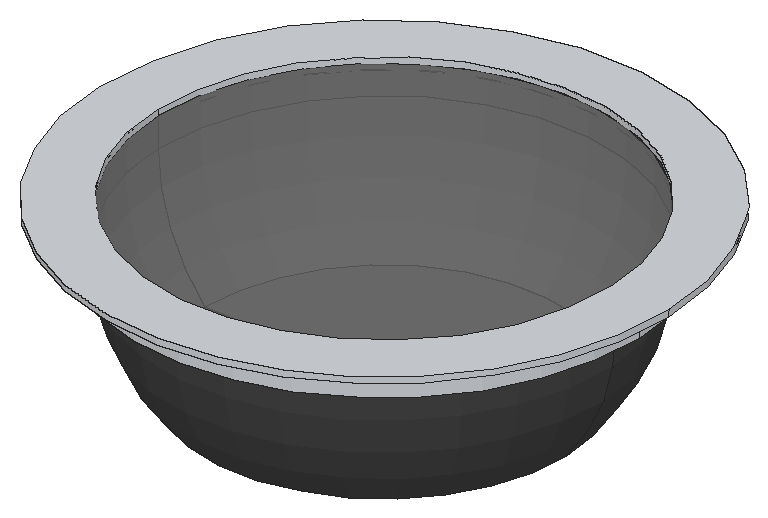
Revit family "3031844 Lighting Fixture_Sylvania_Syl-Lighter II_Ceiling Recessed", category Lighting Fixtures, host Face, Revit 2017
Family settings
  Host = Face
  Round Connector Dimension = Use Diameter
  Part Type = Normal
  OmniClass Number = 23.80.70.11.17
  OmniClass Title = Specialized Lighting by Location or Use
  Cut with Voids When Loaded = No
  Light Source = Yes
  Shared = No
  Room Calculation Point = No
Parameters (values of type "Syl-Lighter LED II 195 RO 15W NW DALI")
  Weight = 0.45 kg
  Wattage = 15.9639 W
  built-in parameter 1150110 = 1 (stored number, unit not read)
  Voltage Comments = "UNV (Universal Voltage; 220-240 Volt)"  # constant formula
  Voltage = 240 V  # constant formula
  URL = "http://www.sylvania-lighting.com"
  built-in parameter 1114217 = 1 (stored number, unit not read)
  Tilt Angle = -90.00°  # constant formula
  built-in parameter 1150109 = 1 (stored number, unit not read)
  built-in parameter 1150134 = 12
  Ta Rating = "-10°C to +40°C"  # constant formula
  built-in parameter 1150113 = 1 (stored number, unit not read)
  Recessed Depth = Height  # 55.0 mm
  IP Rating = "IP44"  # constant formula
  IK Rating = "IK07"  # constant formula
  Energy Class = "A++, A+, A"  # constant formula
  Dimmable = "DALI"  # constant formula
  Catalog Number = "3031844 Syl-Lighter LED II 195 RO 16W NW DALI"
  Body Material = Metal_Sylvania_Syl-Lighter LED II_Silver
  Product Page URL = "http://www.sylvania-lighting.com/product/en-int/products/3031844"
  Product Family = "SYL-LIGHTER LED II"  # constant formula
  Photometry Comments = ""
  Photometric Web File = "3031844.ies"
  built-in parameter 1150105 = 125.33 (stored number, unit not read)
  Lumens = 1575 lm
  built-in parameter 1150115 = 1 (stored number, unit not read)
  built-in parameter 1150137 = (empty or 0)
  built-in parameter 1150139 = (empty or 0)
  Life = "50 000h"  # constant formula
  built-in parameter 1150112 = 1 (stored number, unit not read)
  built-in parameter 1150114 = 1 (stored number, unit not read)
  Lamp Comments = "Integrated LED"
  built-in parameter 1150132 = 2
  built-in parameter 1150102 = (empty or 0)
  built-in parameter 1150107 = 4000 (stored number, unit not read)
  built-in parameter 1150138 = (empty or 0)
  built-in parameter 1150106 = 1.2533 (stored number, unit not read)
  Glow Wire Test = 650 °C  # constant formula
  Emit from Circle Diameter = Diffuser Diameter  # 155.0 mm
  Emit Shape Visible in Rendering = no
  built-in parameter 1150104 = 9.1658 (stored number, unit not read)
  Drive Current = "400mA"
  Dimming Lamp Color Temperature Shift = <None>
  Diffuser Radius = Diffuser Diameter / 2  # 77.5 mm
  Diffuser Diameter = Diameter - 20.0 mm  # 155.0 mm
  Inner Diameter = Diameter - 4.0 mm  # 171.0 mm
  Cutout Diameter = Diameter  # 175.0 mm
  Color Filter = 16777215
  Beam Angle = 74.00°
  built-in parameter 1114218 = 1 (stored number, unit not read)
  built-in parameter 1150133 = 10 (stored number, unit not read)
  Height = 55.0 mm
  Electrical Protection = "CLASS II"  # constant formula
  built-in parameter 1114216 [instance] = 1 (stored number, unit not read)
  Model = "SYL-LIGHTER LED II 195 RO 16W NW DALI"
  Manufacturer = "Feilo Sylvania"  # constant formula
  Lamp = "LED"
  Diffuser Material = Polycarbonate_Sylvania_Syl-Lighter LED II_Opal
  Description = "Ceiling recessed IP44 LED downlight, perfect where limited ceiling void is available with only 55mm product depth and 175mm cutout. Ideal replacement for 1x32W/2x18W CFL downlights. The polycarbonate diffuser allows for a wider light distribution and increased spacings between luminiares. Loop in loop out connector allows for quick installation. Die-cast aluminium body, 1575LM, 16W, 98lm/W, 4000K, Driver Current: 400mA, CRI80, 74° beam angle, Dli dimmable LED driver, IP44, IK07, 50,000 hrs (L70), (HxW) 55x195mm, 5 step MacAdam ellipse, 0.45kg, RAL9003, Class 2, 220-240V, energy class: A++, A+, A"  # constant formula
  Default Elevation = 0.0 mm
  built-in parameter 1140040 [instance] = 1
  Assembly Code = "D5020200"
  Apparent Load Comments = ""
  Apparent Load = 16 VA
  Accessory Radius = Accessory Diameter / 2  # 97.5 mm
  Accessory Material = Aluminum_Sylvania_Syl-Lighter LED II_White_RAL 9003
  Diameter = 175.0 mm
  Accessory Diameter = 195.0 mm
Reference planes
  plane 1 "Center (Front/Back)": y = 0
  plane 2: z = 0
  plane 3 "Center (Left/Right)": x = 0
  plane 4 "Fixture Bottom": z = 2
  plane 5: z = -10
  plane 6 "Fixture Top": z = -55
  plane 7: z = -2
Forms (mm)
  Extrusion 1, void
    sketch origin (0, 0, 58) x (-1, 0, 0) y (0, -1, 0)
      loop
        circle (0, 0) r 87.5
    from -171 to -55
  Extrusion 2, solid, detail levels fine
    sketch origin (0, 0, 58) x (-1, 0, 0) y (0, -1, 0)
      loop
        circle (0, 0) r 87.5
      loop
        circle (0, 0) r 85.5
    from -68 to -58
  Extrusion 3, solid, detail levels fine
    sketch origin (0, 0, 58) x (-1, 0, 0) y (0, -1, 0)
      loop
        circle (0, 0) r 97.5
      loop
        circle (0, 0) r 77.5
    from -58 to -56
  Extrusion 4, solid, material "Polycarbonate_Sylvania_Syl-Lighter LED II_Opal" <- "Diffuser Material", detail levels fine
    sketch origin (0, 0, 58) x (-1, 0, 0) y (0, -1, 0)
      loop
        circle (0, 0) r 77.5
    from -60 to -58
  Revolve 5, solid, material "Metal_Sylvania_Syl-Lighter LED II_Silver" <- "Body Material", detail levels fine
    sketch origin (0, 0, 0) x (1, 0, 0) y (0, 0, 1)
      loop
        line (-77.5, 0) -> (-79.5, 0) -> (-79.5, -10)
        arc (-79.5, -10) -> (-75.108, -34.052) -> (-62.5, -55) r 68.059
        line (-62.5, -55) -> (0, -55) -> (0, -53) -> (-61.589, -53)
        arc (-61.589, -53) -> (-73.395, -32.925) -> (-77.5, -10) r 66.059
        line (-77.5, -10) -> (-77.5, 0)
      axis (0, -55) -> (0, 0)
    angle from 0 to 360
  Revolve 6, solid, material "Aluminum_Sylvania_Syl-Lighter LED II_White_RAL 9003" <- "Accessory Material", detail levels coarse+medium
    sketch origin (0, 0, 0) x (1, 0, 0) y (0, 0, 1)
      loop
        line (-97.5, 2) -> (-97.5, 0) -> (-90, 0) -> (-90, -10) -> (-82, -10)
        arc (-82, -10) -> (-77.608, -34.052) -> (-65, -55) r 68.059
        line (-65, -55) -> (0, -55) -> (0, 2) -> (-97.5, 2)
      axis (0, 2) -> (0, -55)
    angle from 0 to 360
Cuts and joins
  joined: Extrusion 2, Extrusion 3
Lines and regions (mm)
  Masking region 1
    outline origin (0, 0, 58) x (-1, 0, 0) y (0, -1, 0)
      loop
        circle (0, 0) r 97.5
  symbolic lines, detail levels fine
    curve 1: arc (-77.5, 0, 58) -> (0, 77.5, 58) -> (77.5, 0, 58) r 77.5
    curve 2: arc (77.5, 0, 58) -> (0, -77.5, 58) -> (-77.5, 0, 58) r 77.5
Dimensions and locks
  locked: plane 4 "Fixture Bottom" to plane 2 at 2
  locked: plane 2 to plane 5 at 10
  "Height": plane 2 to plane 6 "Fixture Top"
  locked: plane 2 to plane 7 at 2
  "Diffuser Radius": plane 3 "Center (Left/Right)" to Revolve 5 sketch curve
  locked: Revolve 5 sketch curve to Revolve 5 sketch curve at 2
  locked: Revolve 5 sketch curve to Revolve 5 sketch curve at 15
  "Accessory Radius": plane 3 "Center (Left/Right)" to Revolve 6 sketch curve
  Revolve 6 sketch curve to Revolve 6 sketch curve to Revolve 6 sketch curve to Revolve 6 sketch curve = 7.5 mm locked, 8.0 mm locked, 17.0 mm locked
  "Cutout Diameter": diameter of Extrusion 1 sketch curve
  "Diameter": diameter of Extrusion 2 sketch curve
  "Inner Diameter": diameter of Extrusion 2 sketch curve
  "Accessory Diameter": diameter of Extrusion 3 sketch curve
  "Diffuser Diameter": diameter of Extrusion 3 sketch curve
  "Diffuser Diameter": diameter of Extrusion 4 sketch curve
  "Accessory Diameter": diameter of Masking region 1 sketch curve
  aligned and locked: host face to plane 2
  aligned and locked: host face to level
  aligned and locked: plane 4 "Fixture Bottom" to Extrusion 3
  aligned and locked: Extrusion 3 to plane 2
  aligned and locked: Extrusion 2 to plane 5
  aligned and locked: plane 2 to Extrusion 2
  aligned and locked: Extrusion 4 to plane 7
  aligned and locked: plane 2 to Extrusion 4
  aligned and locked: Revolve 5 sketch curve to plane 2
  aligned and locked: plane 5 to Revolve 5 sketch curve  (x2)
  aligned and locked: Revolve 5 sketch curve to plane 3 "Center (Left/Right)"
  aligned and locked: plane 3 "Center (Left/Right)" to Revolve 5 sketch curve
  aligned and locked: Revolve 6 sketch curve to plane 5
  aligned and locked: Revolve 6 sketch curve to plane 2
  aligned and locked: Revolve 6 sketch curve to plane 4 "Fixture Bottom"
  aligned and locked: plane 3 "Center (Left/Right)" to Revolve 6 sketch curve
  aligned and locked: Revolve 6 sketch curve to plane 3 "Center (Left/Right)"
  aligned and locked: plane 3 "Center (Left/Right)" to imposter light
  aligned and locked: imposter light to plane 1 "Center (Front/Back)"
  aligned and locked: imposter light to plane 4 "Fixture Bottom"
  aligned and locked: curve 1 to cut or joined group of Extrusion 2, Extrusion 3
Automatic sketch dimensions
  host sketch curve to host sketch curve = 700.0 mm
  host sketch curve to host sketch curve = 620.0 mm
  plane 1 "Center (Front/Back)" to Extrusion 1 sketch curve = 0.0 mm
  Extrusion 1 sketch curve to plane 3 "Center (Left/Right)" = 0.0 mm
  Extrusion 2 sketch curve to Extrusion 2 sketch curve = 0.0 mm  (x2)
  plane 1 "Center (Front/Back)" to Extrusion 2 sketch curve = 0.0 mm
  Extrusion 2 sketch curve to plane 3 "Center (Left/Right)" = 0.0 mm
  Extrusion 3 sketch curve to Extrusion 3 sketch curve = 0.0 mm  (x2)
  plane 1 "Center (Front/Back)" to Extrusion 3 sketch curve = 0.0 mm
  Extrusion 3 sketch curve to plane 3 "Center (Left/Right)" = 0.0 mm
  plane 1 "Center (Front/Back)" to Extrusion 4 sketch curve = 0.0 mm
  Extrusion 4 sketch curve to plane 3 "Center (Left/Right)" = 0.0 mm
  Revolve 5 sketch curve to Revolve 5 sketch curve = 0.0 mm
  Revolve 5 sketch curve to plane 6 "Fixture Top" = 0.0 mm
  plane 6 "Fixture Top" to Revolve 5 sketch curve = 2.0 mm
  Revolve 5 sketch curve to Revolve 5 sketch curve = 17.111 mm
  plane 4 "Fixture Bottom" to Revolve 5 sketch curve = 20.889 mm
  Revolve 6 sketch curve to plane 6 "Fixture Top" = 0.0 mm
  Revolve 6 sketch curve to plane 6 "Fixture Top" = 63.885 mm
  Revolve 6 sketch curve to Revolve 6 sketch curve = 84.115 mm
  plane 1 "Center (Front/Back)" to Masking region 1 sketch curve = 0.0 mm
  Masking region 1 sketch curve to plane 3 "Center (Left/Right)" = 0.0 mm
Connectors
  electrical at (0, 0, -55), driven by "Apparent Load", driven by "Voltage"
    settings: on Revolve 5, index 1, voltage 240 V, apparent load 0 VA, apparent load phase1 16 VA, apparent load phase2 0 VA, apparent load phase3 0 VA, power factor 1, load classification "Lighting", number of poles 1, system type 31, power factor state 1, is connector primary yes, connector utility no, sub classification motor no, connector description ""
